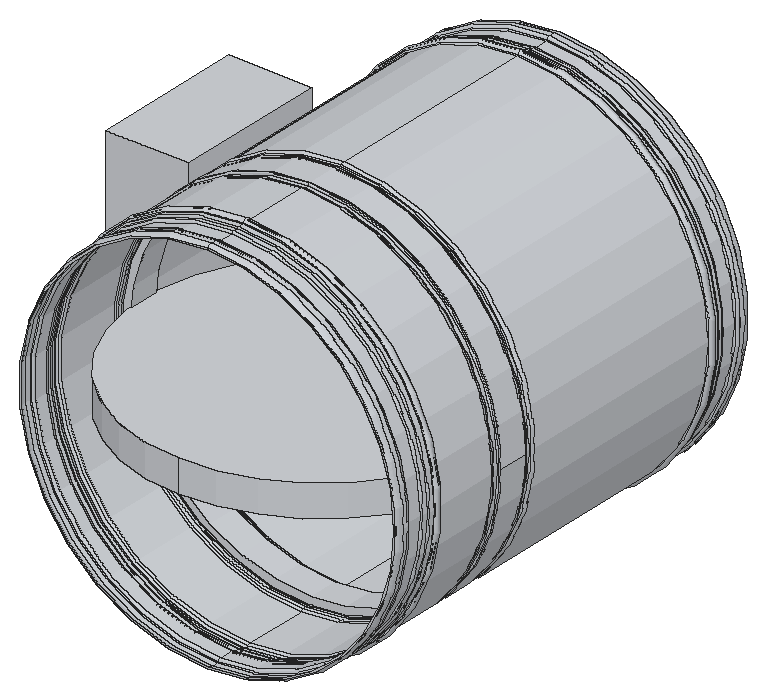
Revit family "MADEL_DAMPER_FIRE PROTECTION_FMC-EIS-120_0", category Duct Accessories, Revit 2015
Parameters (values of type "FMC-EIS-120  dim.300")
  n_factor = 18.196
  m_factor = 1.9554
  c_factor = 10.072
  b_factor = -5.0446
  Vmin = 3.0 m/s  # constant formula
  Vmed = (Vmax + Vmin) / 2  # 5.0 m/s
  Vmax = 7.0 m/s  # constant formula
  V[m/s] [instance] = Q / Afree / 1.0 m/s  # 5
  URL = "http://www.madel.com/en/producto/fmc-eis-120-en-fire-dampers/"
  Revit Version = "Revit 2015 - English"  # constant formula
  Review Date = "11/2016"  # constant formula
  R_ext = D_ext / 2  # 149.0 mm
  Q min = Vmin * Afree  # 649.08 m³/h
  Q max = Vmax * Afree  # 1514.52 m³/h
  Q [instance] = 1081.8 m³/h
  Product Type [instance] = Model  # "FMC-EIS-120 dim. 300"
  Product Size = "dim. 300"
  Product Reference [instance] = if(Nº Options = 2, if([7N], if(MO24V, "FMC-EIS-120-M7F24V", if(MO230V, "FMC-EIS-120-M7F230V", "Consult Manufacturer")), if(MA, if(PIF, "FMC-EIS-120-MA/PIF", "Consult Manufacturer"), "Consult Manufacturer")), if(MA, if(Nº Options = 1, "FMC-EIS-120-MA", "Consult Manufacturer"), "Consult Manufacturer"))  # "FMC-EIS-120-M7F230V"
  PIF [instance] = no
  Nº Options [instance] = if(MA, 1, 0) + if(PIF, 1, 0) + if(MO24V, 1, 0) + if(MO230V, 1, 0) + if([7N], 1, 0)  # 2
  Normativa = "EN 1366-2 / EN 13501-3"  # constant formula
  Model = "FMC-EIS-120 dim. 300"
  Material Damper = none
  MO24V [instance] = no
  MO230V [instance] = yes
  MA [instance] = if(or(MO24V, MO230V), 1 = 0, 1 = 1)  # no
  Lw (dB(A)) [instance] = n_factor * (log([V[m/s]]) / log(2.7183)) + c_factor  # 39.3573
  L = 345.0 mm  # constant formula
  Type Image = <None>
  IfcExportType = "IfcDamperType"  # constant formula
  IfcExportAs = "IfcDamperType"  # constant formula
  Manufacturer = "MADEL"  # constant formula
  Family Version = "1.0"  # constant formula
  Dn = 300 mm
  Description = "MADEL_Circular Fire Dampers"  # constant formula
  D_int = D_ext - 2.0 mm  # 296.0 mm
  D_ext = Dn - 2.0 mm  # 298.0 mm
  D_Damper = Dn - 17.0 mm  # 283.0 mm
  D_Connector = Dn  # 300.0 mm
  Type Comments = "The fire dampers FMC-EIS-120 work as a separator between two sectors of fire and ensure the same fire resistance that the structural elements of compartmentalisation, which limits the risk of spreading of fire by interior of the building."  # constant formula
  D_Cold Bridging Zone = D_Damper  # 283.0 mm
  DPt [instance] = (10 ^ (log(Q / 1 m³/h) * m_factor + b_factor)) * 1.0 Pa  # 7.73517 Pa
  Created by = "BIMETRICAL"  # constant formula
  BIMETRICAL Category = "Damper"  # constant formula
  BIMETRICAL = "http://www.bimetrical.com"  # constant formula
  Afree = 0.0601 m²
  7N [instance] = if(or(MO24V, MO230V), 1 = 1, 1 = 0)  # yes
Types (8, lengths in mm): name | n_factor | m_factor | c_factor | b_factor | R_ext | Q min | Q max | Q | Product Type | Product Size | Model | Lw (dB(A)) | Dn | D_int | D_ext | D_Damper | D_Connector | D_Cold Bridging Zone | DPt | Afree
  FMC-EIS-120  dim.100 | 17.35 | 1.7832 | 4.9127 | -1.9425 | 49.0 | 48.6 m³/h | 113.4 m³/h | 81 m³/h | "FMC-EIS-120 dim. 100" | "dim. 100" | "FMC-EIS-120 dim. 100" | 32.8364 | 100 | 96.0 | 98.0 | 83.0 | 100.0 | 83.0 | 28.8947 Pa | 0.0045 m²
  FMC-EIS-120  dim.125 | 18.09 | 1.8463 | 5.0962 | -2.6305 | 61.5 | 86.4 m³/h | 201.6 m³/h | 144 m³/h | "FMC-EIS-120 dim. 125" | "dim. 125" | "FMC-EIS-120 dim. 125" | 34.2109 | 125 | 121.0 | 123.0 | 108.0 | 125.0 | 108.0 | 22.6247 Pa | 0.0080 m²
  FMC-EIS-120  dim.150 | 17.765 | 1.9192 | 6.3595 | -3.2074 | 74.0 | 135 m³/h | 315 m³/h | 225 m³/h | "FMC-EIS-120 dim. 150" | "dim. 150" | "FMC-EIS-120 dim. 150" | 34.9512 | 150 | 146.0 | 148.0 | 133.0 | 150.0 | 133.0 | 20.2684 Pa | 0.0125 m²
  FMC-EIS-120  dim.160 | 17.591 | 1.9444 | 7.2665 | -3.4434 | 79.0 | 157.68 m³/h | 367.92 m³/h | 262.8 m³/h | "FMC-EIS-120 dim. 160" | "dim. 160" | "FMC-EIS-120 dim. 160" | 35.5781 | 160 | 156.0 | 158.0 | 143.0 | 160.0 | 143.0 | 18.2517 Pa | 0.0146 m²
  FMC-EIS-120  dim.200 | 17.214 | 1.9632 | 8.8926 | -4.0138 | 99.0 | 263.52 m³/h | 614.88 m³/h | 439.2 m³/h | "FMC-EIS-120 dim. 200" | "dim. 200" | "FMC-EIS-120 dim. 200" | 36.5975 | 200 | 196.0 | 198.0 | 183.0 | 200.0 | 183.0 | 14.9389 Pa | 0.0244 m²
  FMC-EIS-120  dim.250 | 17.583 | 2.0666 | 9.9269 | -4.8688 | 124.0 | 435.24 m³/h | 1015.56 m³/h | 725.4 m³/h | "FMC-EIS-120 dim. 250" | "dim. 250" | "FMC-EIS-120 dim. 250" | 38.2256 | 250 | 246.0 | 248.0 | 233.0 | 250.0 | 233.0 | 11.0357 Pa | 0.0403 m²
  FMC-EIS-120  dim.300 | 18.196 | 1.9554 | 10.072 | -5.0446 | 149.0 | 649.08 m³/h | 1514.52 m³/h | 1081.8 m³/h | "FMC-EIS-120 dim. 300" | "dim. 300" | "FMC-EIS-120 dim. 300" | 39.3573 | 300 | 296.0 | 298.0 | 283.0 | 300.0 | 283.0 | 7.73517 Pa | 0.0601 m²
  FMC-EIS-120  dim.315 | 17.799 | 1.9741 | 11.573 | -5.1967 | 156.5 | 721.44 m³/h | 1683.36 m³/h | 1202.4 m³/h | "FMC-EIS-120 dim.315" | "dim. 315" | "FMC-EIS-120 dim.315" | 40.2194 | 315 | 311.0 | 313.0 | 298.0 | 315.0 | 298.0 | 7.64803 Pa | 0.0668 m²
Reference planes
  plane 1 "0": z = 0
  plane 2 "Centro (Frontal/Posterior)": y = 245
  plane 3 "Centro (Izquierda/Derecha)": x = 0
  plane 4: y = 417.5
  plane 5: y = 72.5
  plane 6: x = -149
  plane 7: x = 149
  plane 8: y = 240.5
  plane 9: x = 219
  plane 10: x = -214
  plane 11: y = 173.5
  plane 12: y = 197.5
  plane 13: y = 185.5
  plane 14: z = 149
  plane 15: x = 209
  plane 16: y = 303.5
Forms (mm)
  Extrusion 1, solid, material <- "Material Damper"
    sketch origin (0, -22, 0) x (0, -1, 0) y (1, 0, 0)
      loop
        circle (-207.5, 0) r 141.5
    from -12.5 to 12.5
  Extrusion 2, solid, visible <- "MA"
    sketch origin (149, 2000, 1200) x (0, 1, 0) y (0, 0, 1)
      loop
        line (-1759.5, -1137) -> (-1759.5, -1263) -> (-1633.5, -1263) -> (-1633.5, -1137) -> (-1759.5, -1137)
    from 0 to 60
  Extrusion 3, solid, visible <- "7N"
    sketch origin (-149, 2000, 1200) x (0, 1, 0) y (0, 0, 1)
      loop
        line (-1639.5, -1119) -> (-1759.5, -1119) -> (-1759.5, -1355) -> (-1639.5, -1355) -> (-1639.5, -1119)
    from -65 to 0
  Revolve 4, solid, material <- "Material Damper"
    sketch origin (0, 2000, 1168.748) x (0, 1, 0) y (0, 0, 1)
      loop
        arc (-1827.5, -1019.773) -> (-1828.293, -1020.308) -> (-1828.475, -1021.248) r 1.25
        line (-1828.475, -1021.248) -> (-1831.75, -1021.248)
        arc (-1831.75, -1021.248) -> (-1832.304, -1021.141) -> (-1832.78, -1020.838) r 1.5
        arc (-1832.78, -1020.838) -> (-1834.048, -1020.03) -> (-1835.525, -1019.748) r 4
        line (-1835.525, -1019.748) -> (-1885.773, -1019.748)
        arc (-1885.773, -1019.748) -> (-1886.329, -1019.579) -> (-1886.697, -1019.13) r 1
        arc (-1886.697, -1019.13) -> (-1889.359, -1017.251) -> (-1892.199, -1018.85) r 3.05
        line (-1892.199, -1018.85) -> (-1892.199, -1019.748) -> (-1896.525, -1019.748)
        arc (-1896.525, -1019.748) -> (-1897.232, -1020.04) -> (-1897.525, -1020.748) r 1
        line (-1897.525, -1020.748) -> (-1901.512, -1020.748)
        arc (-1901.512, -1020.748) -> (-1902.536, -1021.152) -> (-1903.008, -1022.148) r 1.5
        line (-1903.008, -1022.148) -> (-1914.661, -1022.148)
        arc (-1914.661, -1022.148) -> (-1915.293, -1021.922) -> (-1915.641, -1021.348) r 1
        arc (-1915.641, -1021.348) -> (-1916.335, -1020.198) -> (-1917.6, -1019.748) r 2
        line (-1917.6, -1019.748) -> (-1921.972, -1019.748)
        arc (-1921.972, -1019.748) -> (-1924.859, -1020.173) -> (-1927.5, -1021.414) r 10
        line (-1927.5, -1021.414) -> (-1927.5, -1022.645)
        arc (-1927.5, -1022.645) -> (-1924.894, -1021.235) -> (-1921.972, -1020.748) r 9
        line (-1921.972, -1020.748) -> (-1917.6, -1020.748)
        arc (-1917.6, -1020.748) -> (-1916.968, -1020.973) -> (-1916.62, -1021.548) r 1
        arc (-1916.62, -1021.548) -> (-1915.926, -1022.697) -> (-1914.661, -1023.148) r 2
        line (-1914.661, -1023.148) -> (-1903.42, -1023.148)
        arc (-1903.42, -1023.148) -> (-1902.395, -1022.743) -> (-1901.923, -1021.748) r 1.5
        line (-1901.923, -1021.748) -> (-1897.663, -1021.748)
        arc (-1897.663, -1021.748) -> (-1896.925, -1021.44) -> (-1896.525, -1020.748) r 1.25
        line (-1896.525, -1020.748) -> (-1893.256, -1020.748)
        arc (-1893.256, -1020.748) -> (-1892.145, -1020.41) -> (-1891.409, -1019.513) r 2
        arc (-1891.409, -1019.513) -> (-1889.515, -1018.248) -> (-1887.621, -1019.513) r 2.05
        arc (-1887.621, -1019.513) -> (-1886.884, -1020.41) -> (-1885.773, -1020.748) r 2
        line (-1885.773, -1020.748) -> (-1835.525, -1020.748)
        arc (-1835.525, -1020.748) -> (-1834.417, -1020.96) -> (-1833.466, -1021.566) r 3
        arc (-1833.466, -1021.566) -> (-1832.673, -1022.071) -> (-1831.75, -1022.248) r 2.5
        line (-1831.75, -1022.248) -> (-1828.75, -1022.248)
        arc (-1828.75, -1022.248) -> (-1827.866, -1021.881) -> (-1827.5, -1020.998) r 1.25
        line (-1827.5, -1020.998) -> (-1826.5, -1020.748) -> (-1826.5, -1019.748) -> (-1827.5, -1019.773)
      loop
        arc (-1800.525, -1021.248) -> (-1800.666, -1020.375) -> (-1801.348, -1019.814) r 1.25
        line (-1801.348, -1019.814) -> (-1802.5, -1019.748) -> (-1802.5, -1020.748) -> (-1801.5, -1020.998)
        arc (-1801.5, -1020.998) -> (-1801.134, -1021.881) -> (-1800.25, -1022.248) r 1.25
        line (-1800.25, -1022.248) -> (-1797.25, -1022.248)
        arc (-1797.25, -1022.248) -> (-1796.327, -1022.071) -> (-1795.534, -1021.566) r 2.5
        arc (-1795.534, -1021.566) -> (-1794.583, -1020.96) -> (-1793.475, -1020.748) r 3
        line (-1793.475, -1020.748) -> (-1624.227, -1020.748)
        arc (-1624.227, -1020.748) -> (-1623.116, -1020.41) -> (-1622.379, -1019.513) r 2
        arc (-1622.379, -1019.513) -> (-1620.485, -1018.248) -> (-1618.591, -1019.513) r 2.05
        arc (-1618.591, -1019.513) -> (-1617.855, -1020.41) -> (-1616.744, -1020.748) r 2
        line (-1616.744, -1020.748) -> (-1613.475, -1020.748)
        arc (-1613.475, -1020.748) -> (-1613.075, -1021.44) -> (-1612.337, -1021.748) r 1.25
        line (-1612.337, -1021.748) -> (-1608.077, -1021.748)
        arc (-1608.077, -1021.748) -> (-1607.605, -1022.743) -> (-1606.58, -1023.148) r 1.5
        line (-1606.58, -1023.148) -> (-1595.339, -1023.148)
        arc (-1595.339, -1023.148) -> (-1594.074, -1022.697) -> (-1593.38, -1021.548) r 2
        arc (-1593.38, -1021.548) -> (-1593.032, -1020.973) -> (-1592.4, -1020.748) r 1
        line (-1592.4, -1020.748) -> (-1588.028, -1020.748)
        arc (-1588.028, -1020.748) -> (-1585.106, -1021.235) -> (-1582.5, -1022.645) r 9
        line (-1582.5, -1022.645) -> (-1582.5, -1021.414)
        arc (-1582.5, -1021.414) -> (-1585.141, -1020.173) -> (-1588.028, -1019.748) r 10
        line (-1588.028, -1019.748) -> (-1592.4, -1019.748)
        arc (-1592.4, -1019.748) -> (-1593.665, -1020.198) -> (-1594.359, -1021.348) r 2
        arc (-1594.359, -1021.348) -> (-1594.707, -1021.922) -> (-1595.339, -1022.148) r 1
        line (-1595.339, -1022.148) -> (-1606.992, -1022.148)
        arc (-1606.992, -1022.148) -> (-1607.464, -1021.152) -> (-1608.488, -1020.748) r 1.5
        line (-1608.488, -1020.748) -> (-1612.475, -1020.748)
        arc (-1612.475, -1020.748) -> (-1612.768, -1020.04) -> (-1613.475, -1019.748) r 1
        line (-1613.475, -1019.748) -> (-1617.75, -1019.748) -> (-1617.75, -1018.948)
        arc (-1617.75, -1018.948) -> (-1620.586, -1017.249) -> (-1623.303, -1019.13) r 3.05
        arc (-1623.303, -1019.13) -> (-1623.671, -1019.579) -> (-1624.227, -1019.748) r 1
        line (-1624.227, -1019.748) -> (-1793.475, -1019.748)
        arc (-1793.475, -1019.748) -> (-1794.952, -1020.03) -> (-1796.22, -1020.838) r 4
        arc (-1796.22, -1020.838) -> (-1796.696, -1021.141) -> (-1797.25, -1021.248) r 1.5
        line (-1797.25, -1021.248) -> (-1800.525, -1021.248)
      axis (-1927.5, -1168.748) -> (-1582.5, -1168.748)
    angle from 0 to 360
  Extrusion 5, solid, material <- "Material Damper"
    sketch origin (0, 245, 5) x (1, 0, 0) y (0, 0, 1)
      loop
        circle (0, -5) r 149
      loop
        circle (0, -5) r 141.5
    from 47.5 to 71.5
  Extrusion 6, solid, visible <- "MA"
    sketch origin (149, 2000, 1200) x (0, 1, 0) y (0, 0, 1)
      loop
        circle (-1696.5, -1200) r 5
    from 60 to 70
Dimensions and locks
  equal spacing: plane 5, plane 2 "Centro (Frontal/Posterior)", plane 4
  "L": plane 5 to plane 4
  equal spacing: plane 6, plane 3 "Centro (Izquierda/Derecha)", plane 7
  "D_ext": plane 6 to plane 7
  locked: plane 8 to plane 4 at 177
  locked: Extrusion 2 sketch curve to Extrusion 2 sketch curve at 126  (x2)
  locked: Extrusion 3 sketch curve to plane 1 "0" at 155
  locked: Extrusion 3 sketch curve to Extrusion 3 sketch curve at 236
  locked: plane 10 to plane 6 at 65
  Extrusion 3 sketch curve to Extrusion 3 sketch curve = 120.0 mm
  locked: plane 11 to plane 5 at 101
  locked: plane 4 to plane 12 at 220
  equal spacing: plane 12, plane 13, plane 11
  "R_ext": plane 1 "0" to plane 14
  locked: plane 7 to plane 9 at 70
  locked: plane 15 to plane 9 at 10
  locked: plane 8 to plane 16 at 63
  "D_Damper": diameter of Extrusion 1 sketch curve
  "D_Cold Bridging Zone": diameter of Extrusion 5 sketch curve
  "D_ext": diameter of Extrusion 5 sketch curve
  aligned and locked: plane 3 "Centro (Izquierda/Derecha)" to Extrusion 1 sketch curve
  aligned and locked: Extrusion 2 sketch curve to plane 8
  aligned and locked: Extrusion 3 to plane 10
  aligned and locked: plane 6 to Extrusion 3
  aligned and locked: plane 13 to Extrusion 1 sketch curve
  aligned and locked: plane 3 "Centro (Izquierda/Derecha)" to Extrusion 5 sketch curve  (x2)
  aligned and locked: plane 1 "0" to Extrusion 5 sketch curve  (x2)
  aligned and locked: plane 11 to Extrusion 5
  aligned and locked: Extrusion 5 to plane 12
  aligned and locked: Revolve 4 sketch curve to plane 1 "0"
  aligned and locked: plane 15 to Extrusion 2
  aligned and locked: Extrusion 6 to plane 15
  aligned and locked: plane 9 to Extrusion 6
Automatic sketch dimensions
  level to Extrusion 2 sketch curve = 63.0 mm
  Extrusion 3 sketch curve to plane 8 = 0.0 mm
  Extrusion 6 sketch curve to level = 0.0 mm
  Extrusion 6 sketch curve to plane 16 = 0.0 mm
  Revolve 4 sketch curve to Revolve 4 sketch curve = 0.0 mm  (x33)
  Revolve 4 sketch curve to plane 5 = 0.0 mm
  Revolve 4 sketch curve to plane 14 = 0.0 mm  (x10)
  Revolve 4 sketch curve to plane 11 = 0.0 mm
  Revolve 4 sketch curve to plane 12 = 0.0 mm
  Revolve 4 sketch curve to plane 4 = 0.0 mm
  Revolve 4 sketch curve to plane 14 = 1.0 mm  (x3)
  Revolve 4 sketch curve to plane 5 = 5.528 mm
  Revolve 4 sketch curve to plane 14 = 2.0 mm  (x2)
  Revolve 4 sketch curve to Revolve 4 sketch curve = 4.372 mm  (x2)
  Revolve 4 sketch curve to Revolve 4 sketch curve = 2.939 mm  (x2)
  Revolve 4 sketch curve to plane 14 = 3.4 mm
  Revolve 4 sketch curve to Revolve 4 sketch curve = 11.241 mm  (x2)
  Revolve 4 sketch curve to Revolve 4 sketch curve = 0.411 mm  (x4)
  Revolve 4 sketch curve to Revolve 4 sketch curve = 1.085 mm  (x2)
  Revolve 4 sketch curve to plane 14 = 0.753 mm
  Revolve 4 sketch curve to Revolve 4 sketch curve = 3.762 mm  (x2)
  Revolve 4 sketch curve to Revolve 4 sketch curve = 0.087 mm
  Revolve 4 sketch curve to Revolve 4 sketch curve = 0.225 mm  (x2)
  Revolve 4 sketch curve to Revolve 4 sketch curve = 1.0 mm  (x7)
  plane 14 to Revolve 4 sketch curve = 1.0 mm  (x4)
  Revolve 4 sketch curve to Revolve 4 sketch curve = 3.268 mm  (x2)
  Revolve 4 sketch curve to Revolve 4 sketch curve = 1.057 mm
  Revolve 4 sketch curve to plane 14 = 0.55 mm  (x2)
  Revolve 4 sketch curve to Revolve 4 sketch curve = 2.684 mm
  Revolve 4 sketch curve to Revolve 4 sketch curve = 3.742 mm  (x2)
  Revolve 4 sketch curve to plane 14 = 4.0 mm
  plane 11 to Revolve 4 sketch curve = 9.025 mm
  Revolve 4 sketch curve to Revolve 4 sketch curve = 3.775 mm  (x2)
  plane 11 to Revolve 4 sketch curve = 2.25 mm
  Revolve 4 sketch curve to Revolve 4 sketch curve = 0.275 mm  (x2)
  plane 11 to Revolve 4 sketch curve = 1.0 mm  (x2)
  Revolve 4 sketch curve to plane 14 = 0.025 mm
  Revolve 4 sketch curve to Revolve 4 sketch curve = 0.25 mm  (x4)
  Revolve 4 sketch curve to plane 12 = 0.75 mm
  Revolve 4 sketch curve to plane 14 = 0.066 mm
  Revolve 4 sketch curve to plane 12 = 1.152 mm
  Revolve 4 sketch curve to Revolve 4 sketch curve = 0.975 mm
  Revolve 4 sketch curve to Revolve 4 sketch curve = 3.0 mm  (x2)
  Revolve 4 sketch curve to plane 4 = 41.727 mm
  Revolve 4 sketch curve to Revolve 4 sketch curve = 2.735 mm
  Revolve 4 sketch curve to Revolve 4 sketch curve = 1.007 mm
  Revolve 4 sketch curve to Revolve 4 sketch curve = 0.138 mm
  Revolve 4 sketch curve to plane 14 = 2.4 mm
  Revolve 4 sketch curve to Revolve 4 sketch curve = 9.0 mm  (x2)
  Revolve 4 sketch curve to Revolve 4 sketch curve = 1.409 mm
  Revolve 4 sketch curve to plane 14 = 2.5 mm
  Revolve 4 sketch curve to Revolve 4 sketch curve = 1.5 mm
  Revolve 4 sketch curve to Revolve 4 sketch curve = 0.5 mm
  Revolve 4 sketch curve to Revolve 4 sketch curve = 0.249 mm
  plane 14 to Revolve 4 sketch curve = 0.8 mm
  plane 14 to Revolve 4 sketch curve = 0.898 mm
  plane 5 to Revolve 4 sketch curve = 1539.086 mm
  Revolve 4 sketch curve to Revolve 4 sketch curve = 0.98 mm
  plane 4 to Revolve 4 sketch curve = 1190.925 mm
  radius of Extrusion 6 sketch curve = 5.0 mm
Connectors
  hvac at (0, 107.801, 0), driven by "DPt", driven by "Q", driven by "D_Connector"
    settings: on Revolve 4, index 3, duct flow 1081.8 m³/h, flow factor 0, pres drop 7.73517 Pa, loss coef 0, conn angle 0.00°, conn width 304.8 mm, conn height 304.8 mm, conn diameter 300 mm, duct sys type 29, conn prof type 0, flow config 0, flow direction 0, loss method 4, conn ref index -1, conn util no, is conn primary yes, conn desc ""
  hvac at (0, 382.25, 0), driven by "Q", driven by "D_Connector"
    settings: on Revolve 4, index 4, duct flow 1081.8 m³/h, flow factor 0, pres drop 0.0 Pa, loss coef 0, conn angle 0.00°, conn width 304.8 mm, conn height 304.8 mm, conn diameter 300 mm, duct sys type 29, conn prof type 0, flow config 0, flow direction 0, loss method 0, conn ref index -1, conn util no, is conn primary no, conn desc ""
